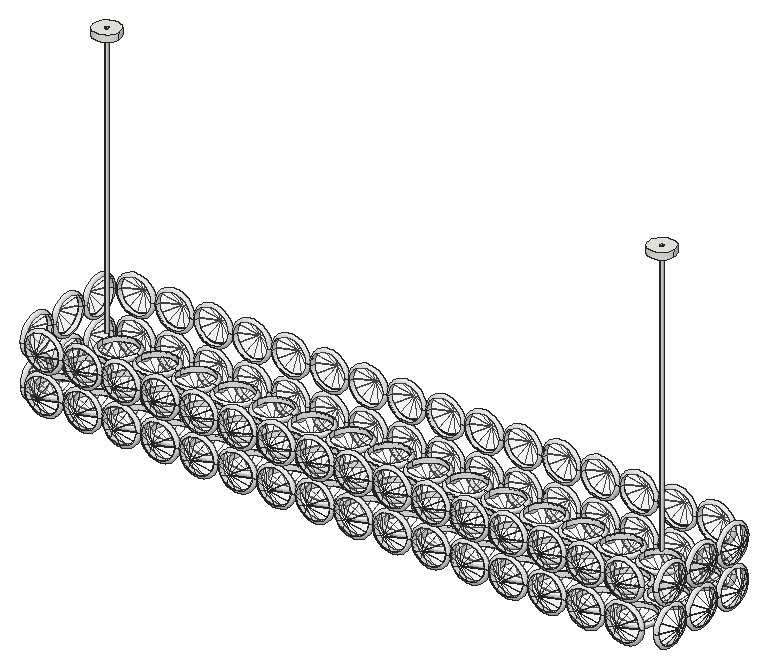
Revit family
Parameters (values of type "1300mm - 120V")
  Wattage = 64 W
  built-in parameter 1150110 = 1 (stored number, unit not read)
  built-in parameter 1114217 = 0.88 (stored number, unit not read)
  built-in parameter 1150109 = 1 (stored number, unit not read)
  built-in parameter 1150134 = 8
  built-in parameter 1150113 = 1 (stored number, unit not read)
  built-in parameter 1150115 = 1 (stored number, unit not read)
  built-in parameter 1150105 = 1909.9 (stored number, unit not read)
  Light Source Symbol Size = 609.6 mm
  built-in parameter 1150137 = 1
  built-in parameter 1150139 = (empty or 0)
  built-in parameter 1150112 = 1 (stored number, unit not read)
  built-in parameter 1150114 = 1 (stored number, unit not read)
  Lamp = "T-12"
  built-in parameter 1150132 = (empty or 0)
  built-in parameter 1150102 = (empty or 0)
  built-in parameter 1150138 = (empty or 0)
  built-in parameter 1150107 = 4230 (stored number, unit not read)
  built-in parameter 1150106 = 19.099 (stored number, unit not read)
  Emit from Rectangle Width = 225 mm
  Emit from Rectangle Length = Длина корпуса источника света - 76 mm  # 1224 mm
  Emit Shape Visible in Rendering = no
  built-in parameter 1150104 = 8.7097 (stored number, unit not read)
  Dimming Lamp Color Temperature Shift = (empty or 0)
  Color Filter = 16777215
  built-in parameter 1140040 [instance] = 1
  Напряжение балласта = 120 V
  Число полюсов балласта = 1
  built-in parameter 1114218 = 0.88 (stored number, unit not read)
  built-in parameter 1150133 = 10 (stored number, unit not read)
  Assembly Code = "D5020210"
  Материал потолочного патрона = Металл - Окрашенный - Слоновая кость, блестящий
  Материал диффузора = Стекло - белое, высокой яркости
  Длина корпуса источника света = 1300 mm
  Материал корпуса источника света = Металл - Окрашенный - Слоновая кость, блестящий
  Подвесной к потолку = 640 mm
  Lumens = 6000 lm
  Apparent Load = 64 VA
Reference planes
  plane 1 "Ось источника света": y = 0
  plane 2 "Потолок": z = 2438.4
  plane 3 "Ось источника света": x = 0
  plane 4 "Отметка источника света": z = 1811.1
  plane 5: x = -650
  plane 6: x = 650
  plane 7: x = -573.8
  plane 8: x = 573.8
  plane 9: x = -573.888
  plane 10: x = 573.8
  plane 11: z = 2425.7
  plane 12: z = 1798.4
  plane 13: z = 1823.8
  plane 14: z = 1874.6
Forms (mm)
  Extrusion 1, solid, material "Металл - Окрашенный - Слоновая кость, блестящий" <- "Материал потолочного патрона"
    sketch origin (0, 0, 1811.1) x (0, -1, 0) y (1, 0, 0)
      loop
        circle (0, -573.8) r 3.175
      loop
        circle (0, 573.8) r 3.175
    from 63.5 to 627.3
  Extrusion 2, solid, material "Металл - Окрашенный - Слоновая кость, блестящий" <- "Материал потолочного патрона"
    sketch origin (0, 0, 0) x (1, 0, 0) y (0, 1, 0)
      loop
        circle (-573.888, 0) r 25.4
      loop
        circle (573.8, 0) r 25.4
    from 2425.7 to 2438.4
Lines and regions (mm)
  Masking region 1
    outline origin (0, 0, 1811.1) x (0, -1, 0) y (1, 0, 0)
      loop
        line (-150.3, 700) -> (-150.3, -700) -> (150.3, -700) -> (150.3, 700) -> (-150.3, 700)
  symbolic lines
    curve 1: line (650, 114.3, 2438.4) -> (-650, 114.3, 2438.4)
    curve 2: line (650, -114.3, 2438.4) -> (650, 114.3, 2438.4)
    curve 3: line (-650, -114.3, 2438.4) -> (650, -114.3, 2438.4)
    curve 4: line (-650, 114.3, 2438.4) -> (-650, -114.3, 2438.4)
    curve 5: arc (-548.488, 0, 2438.4) -> (-573.888, 25.4, 2438.4) -> (-599.288, 0, 2438.4) r 25.4
    curve 6: arc (-599.288, 0, 2438.4) -> (-573.888, -25.4, 2438.4) -> (-548.488, 0, 2438.4) r 25.4
    curve 7: arc (548.4, 0, 2438.4) -> (573.8, -25.4, 2438.4) -> (599.2, 0, 2438.4) r 25.4
    curve 8: arc (599.2, 0, 2438.4) -> (573.8, 25.4, 2438.4) -> (548.4, 0, 2438.4) r 25.4
Dimensions and locks
  equal spacing: host sketch curve, plane 3 "Ось источника света", host sketch curve
  equal spacing: host sketch curve, plane 1 "Ось источника света", host sketch curve
  host sketch curve to host sketch curve = 3048 mm  (x2)
  "Длина корпуса источника света": plane 5 to plane 6
  equal spacing: plane 5, plane 3 "Ось источника света", plane 6
  locked: plane 5 to plane 7 at 76.2
  locked: plane 8 to plane 6 at 76.2
  locked: plane 5 to plane 9 at 76.112
  locked: plane 10 to plane 6 at 76.2
  locked: plane 2 "Потолок" to plane 11 at 12.7
  locked: plane 12 to plane 4 "Отметка источника света" at 12.7
  plane 4 "Отметка источника света" to plane 13 to plane 14 = 12.7 mm locked, 50.8 mm locked
  "Подвесной к потолку": plane 2 "Потолок" to plane 12
  Masking region 1 sketch curve to Masking region 1 sketch curve = 300.6 mm
  equal spacing: Masking region 1 sketch curve, plane 1 "Ось источника света", Masking region 1 sketch curve
  Masking region 1 sketch curve to Masking region 1 sketch curve = 1400 mm
  equal spacing: Masking region 1 sketch curve, plane 3 "Ось источника света", Masking region 1 sketch curve
  aligned and locked: plane 2 "Потолок" to Extrusion 1
  aligned and locked: plane 2 "Потолок" to Extrusion 2
  aligned and locked: plane 11 to Extrusion 2
  aligned and locked: plane 5 to curve 4
  aligned and locked: curve 5 to Extrusion 2
  aligned and locked: curve 7 to Extrusion 2
  aligned and locked: plane 3 "Ось источника света" to imposter light
  aligned and locked: plane 1 "Ось источника света" to imposter light
  aligned and locked: plane 4 "Отметка источника света" to imposter light
  aligned and locked: Extrusion 1 to plane 14
Automatic sketch dimensions
  Extrusion 1 sketch curve to plane 8 = 0 mm
  Extrusion 1 sketch curve to plane 7 = 0 mm
  Extrusion 1 sketch curve to plane 1 "Ось источника света" = 0 mm  (x2)
  Extrusion 1 sketch curve to plane 1 "Ось источника света" = 3.175 mm  (x2)
  Extrusion 2 sketch curve to plane 1 "Ось источника света" = 0 mm  (x2)
  Extrusion 2 sketch curve to plane 9 = 0 mm
  Extrusion 2 sketch curve to plane 10 = 0 mm
  Extrusion 2 sketch curve to plane 9 = 25.4 mm
  Extrusion 2 sketch curve to plane 10 = 25.4 mm
  curve 2 to plane 6 = 0 mm
  plane 1 "Ось источника света" to curve 3 = 114.3 mm
  curve 1 to plane 1 "Ось источника света" = 114.3 mm
  Masking region 1 sketch curve to plane 1 "Ось источника света" = 150.3 mm
Nested families
  nested 1: "Елемент STILLUX" at (650, 0, 1798.4) x (0, 1, 0) z (1, 0, 0), type "Серебро"
    with Стекло 504. Steklo beloe
  nested 2: "Елемент STILLUX" at (650, 0, 1878.4) x (0, 1, 0) z (1, 0, 0), type "Серебро"
    with Стекло 504. Steklo beloe
  nested 3: "Елемент STILLUX" at (650, -80, 1798.4) x (0, 1, 0) z (1, 0, 0), type "Серебро"
    with Стекло 504. Steklo beloe
  nested 4: "Елемент STILLUX" at (650, -80, 1878.4) x (0, 1, 0) z (1, 0, 0), type "Серебро"
    with Стекло 504. Steklo beloe
  nested 5: "Елемент STILLUX" at (650, 80, 1798.4) x (0, 1, 0) z (1, 0, 0), type "Серебро"
    with Стекло 504. Steklo beloe
  nested 6: "Елемент STILLUX" at (650, 80, 1878.4) x (0, 1, 0) z (1, 0, 0), type "Серебро"
    with Стекло 504. Steklo beloe
  nested 7: "Елемент STILLUX" at (-650, 0, 1798.4) x (0, 1, 0) z (-1, 0, 0), type "Серебро"
    with Стекло 504. Steklo beloe
  nested 8: "Елемент STILLUX" at (-650, 0, 1878.4) x (0, 1, 0) z (-1, 0, 0), type "Серебро"
    with Стекло 504. Steklo beloe
  nested 9: "Елемент STILLUX" at (-650, -80, 1798.4) x (0, 1, 0) z (-1, 0, 0), type "Серебро"
    with Стекло 504. Steklo beloe
  nested 10: "Елемент STILLUX" at (-613.071, 0.41, 1798.4) x (1, 0, 0) z (0, 0, -1), type "Серебро"
    with Стекло 504. Steklo beloe
  nested 11: "Елемент STILLUX" at (-650, 80, 1798.4) x (0, 1, 0) z (-1, 0, 0), type "Серебро"
    with Стекло 504. Steklo beloe
  nested 12: "Елемент STILLUX" at (-650, 80, 1878.4) x (0, 1, 0) z (-1, 0, 0), type "Серебро"
    with Стекло 504. Steklo beloe
  nested 13: "Елемент STILLUX" at (-528.276, -113.937, 1878.4) x (-1, 0, 0) z (0, -1, 0), type "Серебро"
    with Стекло 504. Steklo beloe
  nested 14: "Елемент STILLUX" at (-448.276, -113.937, 1878.4) x (-1, 0, 0) z (0, -1, 0), type "Серебро"
    with Стекло 504. Steklo beloe
  nested 15: "Елемент STILLUX" at (-608.276, -113.937, 1878.4) x (-1, 0, 0) z (0, -1, 0), type "Серебро"
    with Стекло 504. Steklo beloe
  nested 16: "Елемент STILLUX" at (-528.276, -113.937, 1798.4) x (-1, 0, 0) z (0, -1, 0), type "Серебро"
    with Стекло 504. Steklo beloe
  nested 17: "Елемент STILLUX" at (-448.276, -113.937, 1798.4) x (-1, 0, 0) z (0, -1, 0), type "Серебро"
    with Стекло 504. Steklo beloe
  nested 18: "Елемент STILLUX" at (-608.276, -113.937, 1798.4) x (-1, 0, 0) z (0, -1, 0), type "Серебро"
    with Стекло 504. Steklo beloe
  nested 19: "Елемент STILLUX" at (-288.276, -113.937, 1878.4) x (-1, 0, 0) z (0, -1, 0), type "Серебро"
    with Стекло 504. Steklo beloe
  nested 20: "Елемент STILLUX" at (-208.276, -113.937, 1878.4) x (-1, 0, 0) z (0, -1, 0), type "Серебро"
    with Стекло 504. Steklo beloe
  nested 21: "Елемент STILLUX" at (-368.276, -113.937, 1878.4) x (-1, 0, 0) z (0, -1, 0), type "Серебро"
    with Стекло 504. Steklo beloe
  nested 22: "Елемент STILLUX" at (-288.276, -113.937, 1798.4) x (-1, 0, 0) z (0, -1, 0), type "Серебро"
    with Стекло 504. Steklo beloe
  nested 23: "Елемент STILLUX" at (-208.276, -113.937, 1798.4) x (-1, 0, 0) z (0, -1, 0), type "Серебро"
    with Стекло 504. Steklo beloe
  nested 24: "Елемент STILLUX" at (-368.276, -113.937, 1798.4) x (-1, 0, 0) z (0, -1, 0), type "Серебро"
    with Стекло 504. Steklo beloe
  nested 25: "Елемент STILLUX" at (-48.276, -113.937, 1878.4) x (-1, 0, 0) z (0, -1, 0), type "Серебро"
    with Стекло 504. Steklo beloe
  nested 26: "Елемент STILLUX" at (31.724, -113.937, 1878.4) x (-1, 0, 0) z (0, -1, 0), type "Серебро"
    with Стекло 504. Steklo beloe
  nested 27: "Елемент STILLUX" at (-128.276, -113.937, 1878.4) x (-1, 0, 0) z (0, -1, 0), type "Серебро"
    with Стекло 504. Steklo beloe
  nested 28: "Елемент STILLUX" at (-48.276, -113.937, 1798.4) x (-1, 0, 0) z (0, -1, 0), type "Серебро"
    with Стекло 504. Steklo beloe
  nested 29: "Елемент STILLUX" at (31.724, -113.937, 1798.4) x (-1, 0, 0) z (0, -1, 0), type "Серебро"
    with Стекло 504. Steklo beloe
  nested 30: "Елемент STILLUX" at (-128.276, -113.937, 1798.4) x (-1, 0, 0) z (0, -1, 0), type "Серебро"
    with Стекло 504. Steklo beloe
  nested 31: "Елемент STILLUX" at (191.724, -113.937, 1878.4) x (-1, 0, 0) z (0, -1, 0), type "Серебро"
    with Стекло 504. Steklo beloe
  nested 32: "Елемент STILLUX" at (271.724, -113.937, 1878.4) x (-1, 0, 0) z (0, -1, 0), type "Серебро"
    with Стекло 504. Steklo beloe
  nested 33: "Елемент STILLUX" at (111.724, -113.937, 1878.4) x (-1, 0, 0) z (0, -1, 0), type "Серебро"
    with Стекло 504. Steklo beloe
  nested 34: "Елемент STILLUX" at (191.724, -113.937, 1798.4) x (-1, 0, 0) z (0, -1, 0), type "Серебро"
    with Стекло 504. Steklo beloe
  nested 35: "Елемент STILLUX" at (271.724, -113.937, 1798.4) x (-1, 0, 0) z (0, -1, 0), type "Серебро"
    with Стекло 504. Steklo beloe
  nested 36: "Елемент STILLUX" at (111.724, -113.937, 1798.4) x (-1, 0, 0) z (0, -1, 0), type "Серебро"
    with Стекло 504. Steklo beloe
  nested 37: "Елемент STILLUX" at (431.724, -113.937, 1878.4) x (-1, 0, 0) z (0, -1, 0), type "Серебро"
    with Стекло 504. Steklo beloe
  nested 38: "Елемент STILLUX" at (511.724, -113.937, 1878.4) x (-1, 0, 0) z (0, -1, 0), type "Серебро"
    with Стекло 504. Steklo beloe
  nested 39: "Елемент STILLUX" at (351.724, -113.937, 1878.4) x (-1, 0, 0) z (0, -1, 0), type "Серебро"
    with Стекло 504. Steklo beloe
  nested 40: "Елемент STILLUX" at (431.724, -113.937, 1798.4) x (-1, 0, 0) z (0, -1, 0), type "Серебро"
    with Стекло 504. Steklo beloe
  nested 41: "Елемент STILLUX" at (511.724, -113.937, 1798.4) x (-1, 0, 0) z (0, -1, 0), type "Серебро"
    with Стекло 504. Steklo beloe
  nested 42: "Елемент STILLUX" at (351.724, -113.937, 1798.4) x (-1, 0, 0) z (0, -1, 0), type "Серебро"
    with Стекло 504. Steklo beloe
  nested 43: "Елемент STILLUX" at (591.724, -113.937, 1878.4) x (-1, 0, 0) z (0, -1, 0), type "Серебро"
    with Стекло 504. Steklo beloe
  nested 44: "Елемент STILLUX" at (591.724, -113.937, 1798.4) x (-1, 0, 0) z (0, -1, 0), type "Серебро"
    with Стекло 504. Steklo beloe
  nested 45: "Елемент STILLUX" at (-528.276, 113.937, 1878.4) x (-1, 0, 0) z (0, 1, 0), type "Серебро"
    with Стекло 504. Steklo beloe
  nested 46: "Елемент STILLUX" at (-448.276, 113.937, 1878.4) x (-1, 0, 0) z (0, 1, 0), type "Серебро"
    with Стекло 504. Steklo beloe
  nested 47: "Елемент STILLUX" at (-608.276, 113.937, 1878.4) x (-1, 0, 0) z (0, 1, 0), type "Серебро"
    with Стекло 504. Steklo beloe
  nested 48: "Елемент STILLUX" at (-288.276, 113.937, 1878.4) x (-1, 0, 0) z (0, 1, 0), type "Серебро"
    with Стекло 504. Steklo beloe
  nested 49: "Елемент STILLUX" at (-208.276, 113.937, 1878.4) x (-1, 0, 0) z (0, 1, 0), type "Серебро"
    with Стекло 504. Steklo beloe
  nested 50: "Елемент STILLUX" at (-368.276, 113.937, 1878.4) x (-1, 0, 0) z (0, 1, 0), type "Серебро"
    with Стекло 504. Steklo beloe
  nested 51: "Елемент STILLUX" at (-48.276, 113.937, 1878.4) x (-1, 0, 0) z (0, 1, 0), type "Серебро"
    with Стекло 504. Steklo beloe
  nested 52: "Елемент STILLUX" at (31.724, 113.937, 1878.4) x (-1, 0, 0) z (0, 1, 0), type "Серебро"
    with Стекло 504. Steklo beloe
  nested 53: "Елемент STILLUX" at (-128.276, 113.937, 1878.4) x (-1, 0, 0) z (0, 1, 0), type "Серебро"
    with Стекло 504. Steklo beloe
  nested 54: "Елемент STILLUX" at (191.724, 113.937, 1878.4) x (-1, 0, 0) z (0, 1, 0), type "Серебро"
    with Стекло 504. Steklo beloe
  nested 55: "Елемент STILLUX" at (271.724, 113.937, 1878.4) x (-1, 0, 0) z (0, 1, 0), type "Серебро"
    with Стекло 504. Steklo beloe
  nested 56: "Елемент STILLUX" at (111.724, 113.937, 1878.4) x (-1, 0, 0) z (0, 1, 0), type "Серебро"
    with Стекло 504. Steklo beloe
  nested 57: "Елемент STILLUX" at (431.724, 113.937, 1878.4) x (-1, 0, 0) z (0, 1, 0), type "Серебро"
    with Стекло 504. Steklo beloe
  nested 58: "Елемент STILLUX" at (511.724, 113.937, 1878.4) x (-1, 0, 0) z (0, 1, 0), type "Серебро"
    with Стекло 504. Steklo beloe
  nested 59: "Елемент STILLUX" at (351.724, 113.937, 1878.4) x (-1, 0, 0) z (0, 1, 0), type "Серебро"
    with Стекло 504. Steklo beloe
  nested 60: "Елемент STILLUX" at (591.724, 113.937, 1878.4) x (-1, 0, 0) z (0, 1, 0), type "Серебро"
    with Стекло 504. Steklo beloe
  nested 61: "Елемент STILLUX" at (-528.276, 113.937, 1798.4) x (-1, 0, 0) z (0, 1, 0), type "Серебро"
    with Стекло 504. Steklo beloe
  nested 62: "Елемент STILLUX" at (-448.276, 113.937, 1798.4) x (-1, 0, 0) z (0, 1, 0), type "Серебро"
    with Стекло 504. Steklo beloe
  nested 63: "Елемент STILLUX" at (-608.276, 113.937, 1798.4) x (-1, 0, 0) z (0, 1, 0), type "Серебро"
    with Стекло 504. Steklo beloe
  nested 64: "Елемент STILLUX" at (-288.276, 113.937, 1798.4) x (-1, 0, 0) z (0, 1, 0), type "Серебро"
    with Стекло 504. Steklo beloe
  nested 65: "Елемент STILLUX" at (-208.276, 113.937, 1798.4) x (-1, 0, 0) z (0, 1, 0), type "Серебро"
    with Стекло 504. Steklo beloe
  nested 66: "Елемент STILLUX" at (-368.276, 113.937, 1798.4) x (-1, 0, 0) z (0, 1, 0), type "Серебро"
    with Стекло 504. Steklo beloe
  nested 67: "Елемент STILLUX" at (-48.276, 113.937, 1798.4) x (-1, 0, 0) z (0, 1, 0), type "Серебро"
    with Стекло 504. Steklo beloe
  nested 68: "Елемент STILLUX" at (31.724, 113.937, 1798.4) x (-1, 0, 0) z (0, 1, 0), type "Серебро"
    with Стекло 504. Steklo beloe
  nested 69: "Елемент STILLUX" at (-128.276, 113.937, 1798.4) x (-1, 0, 0) z (0, 1, 0), type "Серебро"
    with Стекло 504. Steklo beloe
  nested 70: "Елемент STILLUX" at (191.724, 113.937, 1798.4) x (-1, 0, 0) z (0, 1, 0), type "Серебро"
    with Стекло 504. Steklo beloe
  nested 71: "Елемент STILLUX" at (271.724, 113.937, 1798.4) x (-1, 0, 0) z (0, 1, 0), type "Серебро"
    with Стекло 504. Steklo beloe
  nested 72: "Елемент STILLUX" at (111.724, 113.937, 1798.4) x (-1, 0, 0) z (0, 1, 0), type "Серебро"
    with Стекло 504. Steklo beloe
  nested 73: "Елемент STILLUX" at (431.724, 113.937, 1798.4) x (-1, 0, 0) z (0, 1, 0), type "Серебро"
    with Стекло 504. Steklo beloe
  nested 74: "Елемент STILLUX" at (511.724, 113.937, 1798.4) x (-1, 0, 0) z (0, 1, 0), type "Серебро"
    with Стекло 504. Steklo beloe
  nested 75: "Елемент STILLUX" at (351.724, 113.937, 1798.4) x (-1, 0, 0) z (0, 1, 0), type "Серебро"
    with Стекло 504. Steklo beloe
  nested 76: "Елемент STILLUX" at (591.724, 113.937, 1798.4) x (-1, 0, 0) z (0, 1, 0), type "Серебро"
    with Стекло 504. Steklo beloe
  nested 77: "Елемент STILLUX" at (-613.071, 80.41, 1798.4) x (1, 0, 0) z (0, 0, -1), type "Серебро"
    with Стекло 504. Steklo beloe
  nested 78: "Елемент STILLUX" at (-613.071, -79.59, 1798.4) x (1, 0, 0) z (0, 0, -1), type "Серебро"
    with Стекло 504. Steklo beloe
  nested 79: "Елемент STILLUX" at (-533.071, 0.41, 1798.4) x (1, 0, 0) z (0, 0, -1), type "Серебро"
    with Стекло 504. Steklo beloe
  nested 80: "Елемент STILLUX" at (-533.071, 80.41, 1798.4) x (1, 0, 0) z (0, 0, -1), type "Серебро"
    with Стекло 504. Steklo beloe
  nested 81: "Елемент STILLUX" at (-533.071, -79.59, 1798.4) x (1, 0, 0) z (0, 0, -1), type "Серебро"
    with Стекло 504. Steklo beloe
  nested 82: "Елемент STILLUX" at (-453.071, 0.41, 1798.4) x (1, 0, 0) z (0, 0, -1), type "Серебро"
    with Стекло 504. Steklo beloe
  nested 83: "Елемент STILLUX" at (-453.071, 80.41, 1798.4) x (1, 0, 0) z (0, 0, -1), type "Серебро"
    with Стекло 504. Steklo beloe
  nested 84: "Елемент STILLUX" at (-453.071, -79.59, 1798.4) x (1, 0, 0) z (0, 0, -1), type "Серебро"
    with Стекло 504. Steklo beloe
  nested 85: "Елемент STILLUX" at (-373.071, 0.41, 1798.4) x (1, 0, 0) z (0, 0, -1), type "Серебро"
    with Стекло 504. Steklo beloe
  nested 86: "Елемент STILLUX" at (-373.071, 80.41, 1798.4) x (1, 0, 0) z (0, 0, -1), type "Серебро"
    with Стекло 504. Steklo beloe
  nested 87: "Елемент STILLUX" at (-373.071, -79.59, 1798.4) x (1, 0, 0) z (0, 0, -1), type "Серебро"
    with Стекло 504. Steklo beloe
  nested 88: "Елемент STILLUX" at (-293.071, 0.41, 1798.4) x (1, 0, 0) z (0, 0, -1), type "Серебро"
    with Стекло 504. Steklo beloe
  nested 89: "Елемент STILLUX" at (-293.071, 80.41, 1798.4) x (1, 0, 0) z (0, 0, -1), type "Серебро"
    with Стекло 504. Steklo beloe
  nested 90: "Елемент STILLUX" at (-293.071, -79.59, 1798.4) x (1, 0, 0) z (0, 0, -1), type "Серебро"
    with Стекло 504. Steklo beloe
  nested 91: "Елемент STILLUX" at (-213.071, 0.41, 1798.4) x (1, 0, 0) z (0, 0, -1), type "Серебро"
    with Стекло 504. Steklo beloe
  nested 92: "Елемент STILLUX" at (-213.071, 80.41, 1798.4) x (1, 0, 0) z (0, 0, -1), type "Серебро"
    with Стекло 504. Steklo beloe
  nested 93: "Елемент STILLUX" at (-213.071, -79.59, 1798.4) x (1, 0, 0) z (0, 0, -1), type "Серебро"
    with Стекло 504. Steklo beloe
  nested 94: "Елемент STILLUX" at (-133.071, 0.41, 1798.4) x (1, 0, 0) z (0, 0, -1), type "Серебро"
    with Стекло 504. Steklo beloe
  nested 95: "Елемент STILLUX" at (-133.071, 80.41, 1798.4) x (1, 0, 0) z (0, 0, -1), type "Серебро"
    with Стекло 504. Steklo beloe
  nested 96: "Елемент STILLUX" at (-133.071, -79.59, 1798.4) x (1, 0, 0) z (0, 0, -1), type "Серебро"
    with Стекло 504. Steklo beloe
  nested 97: "Елемент STILLUX" at (-53.071, 0.41, 1798.4) x (1, 0, 0) z (0, 0, -1), type "Серебро"
    with Стекло 504. Steklo beloe
  nested 98: "Елемент STILLUX" at (-53.071, 80.41, 1798.4) x (1, 0, 0) z (0, 0, -1), type "Серебро"
    with Стекло 504. Steklo beloe
  nested 99: "Елемент STILLUX" at (-53.071, -79.59, 1798.4) x (1, 0, 0) z (0, 0, -1), type "Серебро"
    with Стекло 504. Steklo beloe
  nested 100: "Елемент STILLUX" at (26.929, 0.41, 1798.4) x (1, 0, 0) z (0, 0, -1), type "Серебро"
    with Стекло 504. Steklo beloe
  nested 101: "Елемент STILLUX" at (26.929, 80.41, 1798.4) x (1, 0, 0) z (0, 0, -1), type "Серебро"
    with Стекло 504. Steklo beloe
  nested 102: "Елемент STILLUX" at (26.929, -79.59, 1798.4) x (1, 0, 0) z (0, 0, -1), type "Серебро"
    with Стекло 504. Steklo beloe
  nested 103: "Елемент STILLUX" at (106.929, 0.41, 1798.4) x (1, 0, 0) z (0, 0, -1), type "Серебро"
    with Стекло 504. Steklo beloe
  nested 104: "Елемент STILLUX" at (106.929, 80.41, 1798.4) x (1, 0, 0) z (0, 0, -1), type "Серебро"
    with Стекло 504. Steklo beloe
  nested 105: "Елемент STILLUX" at (106.929, -79.59, 1798.4) x (1, 0, 0) z (0, 0, -1), type "Серебро"
    with Стекло 504. Steklo beloe
  nested 106: "Елемент STILLUX" at (186.929, 0.41, 1798.4) x (1, 0, 0) z (0, 0, -1), type "Серебро"
    with Стекло 504. Steklo beloe
  nested 107: "Елемент STILLUX" at (186.929, 80.41, 1798.4) x (1, 0, 0) z (0, 0, -1), type "Серебро"
    with Стекло 504. Steklo beloe
  nested 108: "Елемент STILLUX" at (186.929, -79.59, 1798.4) x (1, 0, 0) z (0, 0, -1), type "Серебро"
    with Стекло 504. Steklo beloe
  nested 109: "Елемент STILLUX" at (266.929, 0.41, 1798.4) x (1, 0, 0) z (0, 0, -1), type "Серебро"
    with Стекло 504. Steklo beloe
  nested 110: "Елемент STILLUX" at (266.929, 80.41, 1798.4) x (1, 0, 0) z (0, 0, -1), type "Серебро"
    with Стекло 504. Steklo beloe
  nested 111: "Елемент STILLUX" at (266.929, -79.59, 1798.4) x (1, 0, 0) z (0, 0, -1), type "Серебро"
    with Стекло 504. Steklo beloe
  nested 112: "Елемент STILLUX" at (346.929, 0.41, 1798.4) x (1, 0, 0) z (0, 0, -1), type "Серебро"
    with Стекло 504. Steklo beloe
  nested 113: "Елемент STILLUX" at (346.929, 80.41, 1798.4) x (1, 0, 0) z (0, 0, -1), type "Серебро"
    with Стекло 504. Steklo beloe
  nested 114: "Елемент STILLUX" at (346.929, -79.59, 1798.4) x (1, 0, 0) z (0, 0, -1), type "Серебро"
    with Стекло 504. Steklo beloe
  nested 115: "Елемент STILLUX" at (426.929, 0.41, 1798.4) x (1, 0, 0) z (0, 0, -1), type "Серебро"
    with Стекло 504. Steklo beloe
  nested 116: "Елемент STILLUX" at (426.929, 80.41, 1798.4) x (1, 0, 0) z (0, 0, -1), type "Серебро"
    with Стекло 504. Steklo beloe
  nested 117: "Елемент STILLUX" at (426.929, -79.59, 1798.4) x (1, 0, 0) z (0, 0, -1), type "Серебро"
    with Стекло 504. Steklo beloe
  nested 118: "Елемент STILLUX" at (506.929, 0.41, 1798.4) x (1, 0, 0) z (0, 0, -1), type "Серебро"
    with Стекло 504. Steklo beloe
  nested 119: "Елемент STILLUX" at (506.929, 80.41, 1798.4) x (1, 0, 0) z (0, 0, -1), type "Серебро"
    with Стекло 504. Steklo beloe
  nested 120: "Елемент STILLUX" at (506.929, -79.59, 1798.4) x (1, 0, 0) z (0, 0, -1), type "Серебро"
    with Стекло 504. Steklo beloe
  nested 121: "Елемент STILLUX" at (586.929, 0.41, 1798.4) x (1, 0, 0) z (0, 0, -1), type "Серебро"
    with Стекло 504. Steklo beloe
  nested 122: "Елемент STILLUX" at (586.929, 80.41, 1798.4) x (1, 0, 0) z (0, 0, -1), type "Серебро"
    with Стекло 504. Steklo beloe
  nested 123: "Елемент STILLUX" at (586.929, -79.59, 1798.4) x (1, 0, 0) z (0, 0, -1), type "Серебро"
    with Стекло 504. Steklo beloe
  nested 124: "Елемент STILLUX" at (-650, -80, 1878.4) x (0, 1, 0) z (-1, 0, 0), type "Серебро"
    with Стекло 504. Steklo beloe
Definition of nested family "Елемент STILLUX"
  Parameters (values of type "Золото")
    Стекло [instance] = 504. Steklo yellou
    Default Elevation = 1219.2 mm
    Ободок = 503. Metall zoloto
  Types (3, lengths in mm): name | Стекло | Ободок
    (no name) | 504. Steklo yellou | 503. Metall zoloto
    Золото | 504. Steklo yellou | 503. Metall zoloto
    Серебро | 503. Metall serebro | 503. Metall serebro
  Reference planes
    plane 1 "По центру (Вперед/Назад)": y = 0
    plane 2: z = 0
    plane 3 "По центру (Влево/Вправо)": x = 0
  Forms (mm)
    Extrusion 1, solid
      sketch origin (0, 0, 0) x (1, 0, 0) y (0, 1, 0)
        loop
          line (-1219.2, 1219.2) -> (-1219.2, -1219.2) -> (1219.2, -1219.2) -> (1219.2, 1219.2) -> (-1219.2, 1219.2)
      from 0 to -304.8
    Revolve 2, solid, material "503. Metall zoloto" <- "Ободок"
      sketch origin (0, 0, 0) x (1, 0, 0) y (0, 0, 1)
        loop
          line (-35, 0.363) -> (-35, 9.637)
          spline (-35, 9.637) -> (-36.404, 9.179) -> (-37.637, 8.558) -> (-38.649, 7.797) -> (-39.402, 6.928) -> (-39.865, 5.983) -> (-40.022, 5) -> (-39.865, 4.017) -> (-39.402, 3.072) -> (-38.649, 2.203) -> (-37.637, 1.442) -> (-36.404, 0.821) -> (-35, 0.363)
        axis (0, 9.637) -> (0, 0.363)
      angle from 0 to 360
    SweptBlend 3, solid, material "504. Steklo yellou" <- "Стекло"
      path origin (0, 0, 0) x (1, 0, 0) y (0, 0, 1)
        loop
          line (0, 10) -> (0, 25)
      profile origin (0, 0, 10) x (-1, 0, 0) y (0, -1, 0)
        loop
          line (35, 0) -> (30.311, 17.5) -> (17.5, 30.311) -> (0, 35) -> (-17.5, 30.311) -> (-30.311, 17.5) -> (-35, 0) -> (-30.311, -17.5) -> (-17.5, -30.311) -> (0, -35) -> (17.5, -30.311) -> (30.311, -17.5) -> (35, 0)
      end profile origin (0, 0, 25) x (-1, 0, 0) y (0, -1, 0)
        loop
          line (0, -2) -> (1, -1.732) -> (1.732, -1) -> (2, 0) -> (1.732, 1) -> (1, 1.732) -> (0, 2) -> (-1, 1.732) -> (-1.732, 1) -> (-2, 0) -> (-1.732, -1) -> (-1, -1.732) -> (0, -2)
  Dimensions and locks
    aligned and locked: plane 2 to Extrusion 1
    aligned and locked: level to Extrusion 1
